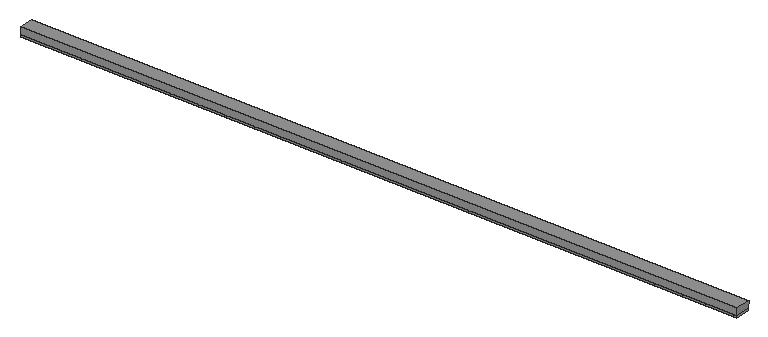
Revit family "0068135", category Lighting Fixtures, host Face, Revit 2017
Family settings
  Host = Face
  Round Connector Dimension = Use Diameter
  Part Type = Normal
  OmniClass Number = 23.80.70.00
  OmniClass Title = Lighting
  Cut with Voids When Loaded = No
  Light Source = Yes
  Shared = No
  Room Calculation Point = No
Parameters (values of type "0068135 START ECO FLEX IP67 827 4750LM - 500 mm")
  Width_SYL = if(IP20HO_SYL, 10 mm, if(IP65_SYL, 12 mm, if(IP65HO_SYL, 10 mm, if(IP67_SYL, 10 mm, if(IP20RGB_SYL, 8 mm, if(IP20RGBW_SYL, 12 mm, if(IP67RGB_SYL, 12 mm, if(IP67RGBW_SYL, 14 mm, 8 mm))))))))  # 10 mm
  Weight = "3.5 kg"
  Wattage Comments = ""
  Wattage = 47.5 W
  WarrantyStartDate [instance] = "n/a"
  WarrantyGuarantorParts = "n/a"
  WarrantyDurationUnit = "n/a"
  WarrantyDurationParts = "n/a"
  WarrantyDescription = "n/a"
  built-in parameter 1150110 = 1 (stored number, unit not read)
  Voltage = 24 V
  URL = "http://www.sylvania-lighting.com"
  TypeName = "START ECO FLEX IP67 827 4750LM - 500 mm"
  Type Image = <None>
  Type Comments = "n/a"
  built-in parameter 1114217 = 1 (stored number, unit not read)
  Tilt Angle = -90.00°
  built-in parameter 1150109 = 1 (stored number, unit not read)
  built-in parameter 1150134 = (empty or 0)
  built-in parameter 1150113 = 1 (stored number, unit not read)
  StartCapWidth_SYL = if(IP20HO_SYL, 2 mm, if(IP65_SYL, 14 mm, if(IP65HO_SYL, 12 mm, if(IP67_SYL, 17.5 mm, if(IP20RGB_SYL, 2 mm, if(IP20RGBW_SYL, 2 mm, if(IP67RGB_SYL, 14 mm, if(IP67RGBW_SYL, 16 mm, 2 mm))))))))  # 17.5 mm
  StartCapVisible_SYL [instance] = no
  StartCapLength_SYL = if(IP20HO_SYL, 2 mm, if(IP65_SYL, 10 mm, if(IP65HO_SYL, 15 mm, if(IP67_SYL, 35 mm, if(IP20RGB_SYL, 2 mm, if(IP20RGBW_SYL, 2 mm, if(IP67RGB_SYL, 12 mm, if(IP67RGBW_SYL, 12 mm, 2 mm))))))))  # 35 mm
  StartCapHeight_SYL = if(IP20HO_SYL, 2 mm, if(IP65_SYL, 6 mm, if(IP65HO_SYL, 6 mm, if(IP67_SYL, 9.5 mm, if(IP20RGB_SYL, 2 mm, if(IP20RGBW_SYL, 2 mm, if(IP67RGB_SYL, 7 mm, if(IP67RGBW_SYL, 7 mm, 2 mm))))))))  # 9.5 mm
  SerialNumber [instance] = "n/a"
  SealingVisibility_SYL = yes
  IP67_SYL = yes
  IP67RGB_SYL = no
  IP67RGBW_SYL = no
  IP65_SYL = no
  IP65HO_SYL = no
  IP20RGB_SYL = no
  IP20RGBW_SYL = no
  IP20HO_SYL = no
  HeightWithSealing_SYL = if(IP20HO_SYL, 2 mm, if(IP65_SYL, 4 mm, if(IP65HO_SYL, 4 mm, if(IP67_SYL, 6 mm, if(IP20RGB_SYL, 2 mm, if(IP20RGBW_SYL, 2 mm, if(IP67RGB_SYL, 5 mm, if(IP67RGBW_SYL, 5 mm, 2 mm))))))))  # 6 mm
  Photometric Web File = "0068135.ies"
  Material_3_SYL = ABS Plastic
  PowerFactor = 0
  PowerConsumption = "47.5 W"
  NominalLength = 5000 mm
  NominalHeight = 6 mm
  NominalDepth = 13.5 mm
  Name = "START ECO FLEX IP67 827 4750LM - 500 mm"
  ModelReference = Name  # "START ECO FLEX IP67 827 4750LM - 500 mm"
  ModelNumber = "0068135"
  Model = Name  # "START ECO FLEX IP67 827 4750LM - 500 mm"
  Material = "pvc housing, pvc diffuser"
  ManufacturerName = "Feilo Sylvania"
  Manufacturer = "Feilo Sylvania"
  LuminousEfficacy = "100 lm/W"
  built-in parameter 1150105 = 2102.3 (stored number, unit not read)
  Lumens = 4750 lm
  LuminaireType = ""
  built-in parameter 1150115 = 1 (stored number, unit not read)
  LightOutputRatio = "n/a"
  built-in parameter 1150137 = (empty or 0)
  built-in parameter 1150139 = (empty or 0)
  Length_SYL = 500 mm
  LampsType = Lamp  # "LED"
  LampNominalLuminous = "4750 lm"
  LampMacAdamStep = "3"
  LampColourTemperature = "2700 K"
  LampColourRenderingIndex = "80"
  built-in parameter 1150112 = 1 (stored number, unit not read)
  built-in parameter 1150114 = 1 (stored number, unit not read)
  Lamp = "LED"
  Keynote = "16500"
  InstallationDate [instance] = "n/a"
  InputVoltage = "24V DC"
  InputNominalFrequency = "n/a"
  built-in parameter 1150132 = (empty or 0)
  built-in parameter 1150102 = (empty or 0)
  built-in parameter 1150107 = 2700 (stored number, unit not read)
  built-in parameter 1150138 = (empty or 0)
  IngressProtection = "IP67"
  ImpactProtectionIndex = "IK00"
  built-in parameter 1150106 = 21.023 (stored number, unit not read)
  IfcExportType = "IfcLightFixtureType"
  IfcExportAs = "IfcLightFixtureType"
  EndCapWidth_SYL = if(IP20HO_SYL, 2 mm, if(IP65_SYL, 14 mm, if(IP65HO_SYL, 12 mm, if(IP67_SYL, 17.5 mm, if(IP20RGB_SYL, 2 mm, if(IP20RGBW_SYL, 2 mm, if(IP67RGB_SYL, 14 mm, if(IP67RGBW_SYL, 16 mm, 2 mm))))))))  # 17.5 mm
  EndCapVisible_SYL [instance] = no
  EndCapLength_SYL = if(IP20HO_SYL, 2 mm, if(IP65_SYL, 10 mm, if(IP65HO_SYL, 10 mm, if(IP67_SYL, 15 mm, if(IP20RGB_SYL, 2 mm, if(IP20RGBW_SYL, 2 mm, if(IP67RGB_SYL, 10 mm, if(IP67RGBW_SYL, 10 mm, 2 mm))))))))  # 15 mm
  EndCapHeight_SYL = if(IP20HO_SYL, 2 mm, if(IP65_SYL, 6 mm, if(IP65HO_SYL, 6 mm, if(IP67_SYL, 9.5 mm, if(IP20RGB_SYL, 2 mm, if(IP20RGBW_SYL, 2 mm, if(IP67RGB_SYL, 7 mm, if(IP67RGBW_SYL, 7 mm, 2 mm))))))))  # 9.5 mm
  EmitSurfaceOffset_SYL = 1 mm  # constant formula
  EmitSurfaceHeight_SYL = if(IP20HO_SYL, 1.2 mm, if(IP65_SYL, 4 mm, if(IP65HO_SYL, 4 mm, if(IP67_SYL, 6 mm, if(IP20RGB_SYL, 1.2 mm, if(IP20RGBW_SYL, 1.2 mm, if(IP67RGB_SYL, 5 mm, if(IP67RGBW_SYL, 5 mm, 1.2 mm))))))))  # 6 mm
  built-in parameter 1150127 = if(IP20HO_SYL, 3.5 mm, if(IP65_SYL, 12 mm, if(IP65HO_SYL, 10 mm, if(IP67_SYL, 10 mm, if(IP20RGB_SYL, 5 mm, if(IP20RGBW_SYL, 5 mm, if(IP67RGB_SYL, 12 mm, if(IP67RGBW_SYL, 14 mm, 3.5 mm))))))))  # 10 mm
  Emit from Rectangle Length = Length_SYL - 2 * EmitSurfaceOffset_SYL  # 498 mm
  Emit Shape Visible in Rendering = no
  ElectricShockClassification = "Class III"
  built-in parameter 1150104 = 9.2903 (stored number, unit not read)
  DocumentationLiterature = "http://www.sylvania-lighting.com/product/en-int/products/0068135"
  DimmingControlOptions = "n/a"
  Material_2_SYL = LED
  Dimming Lamp Color Temperature Shift = <None>
  Description = "5 metre IP67 LED reel with pre-attached 3M adhesive type;  equipped with 300 LEDs offering 950lm/m & 99lm/W (4750lm with around 10% less total lumen for overall 5m reel); 9.6W/m, max. 48W/5m 24V; 2700K; CRI80; SDCM <3; 30000 hrs (L70:B50)"
  Default Elevation = 1219.2 mm
  CreatedOn = "9/11/2019"
  CreatedBy = "@sylvania-lighting.com"
  Cost = 0
  Color Filter = 16777215
  built-in parameter 1114216 [instance] = (empty or 0)
  ClassificationValue = "EF_70_80"
  ClassificationName = "Uniclass2015"
  Material_1_SYL = Aluminum
  BarCode [instance] = "n/a"
  built-in parameter 1114218 = 1 (stored number, unit not read)
  Emit from Rectangle Width = 3048 mm
  AssetType = "Fixed"
  AssetIdentifier [instance] = "n/a"
  Assembly Code = "D5020200"
  Apparent Load = 47.5 VA
  Material_4_SYL = Polycarbonate, Clear
Types (4, lengths in mm): name | TypeName | StartCapVisible_SYL | Name | ModelReference | Model | Length_SYL | EndCapVisible_SYL | Emit from Rectangle Length
  0068135 START ECO FLEX IP67 827 4750LM - 500 mm | "START ECO FLEX IP67 827 4750LM - 500 mm" | no | "START ECO FLEX IP67 827 4750LM - 500 mm" | "START ECO FLEX IP67 827 4750LM - 500 mm" | "START ECO FLEX IP67 827 4750LM - 500 mm" | 500 | no | 498
  0068135 START ECO FLEX IP67 827 4750LM - 100 mm | "START ECO FLEX IP67 827 4750LM - 100 mm" | no | "START ECO FLEX IP67 827 4750LM - 100 mm" | "START ECO FLEX IP67 827 4750LM - 100 mm" | "START ECO FLEX IP67 827 4750LM - 100 mm" | 100 | no | 98
  0068135 START ECO FLEX IP67 827 4750LM - 50 mm | "START ECO FLEX IP67 827 4750LM - 50 mm" | yes | "START ECO FLEX IP67 827 4750LM - 50 mm" | "START ECO FLEX IP67 827 4750LM - 50 mm" | "START ECO FLEX IP67 827 4750LM - 50 mm" | 50 | yes | 48
  0068135 START ECO FLEX IP67 827 4750LM - 10 mm | "START ECO FLEX IP67 827 4750LM - 10 mm" | yes | "START ECO FLEX IP67 827 4750LM - 10 mm" | "START ECO FLEX IP67 827 4750LM - 10 mm" | "START ECO FLEX IP67 827 4750LM - 10 mm" | 10 | yes | 8
Reference planes
  plane 1 "Center (Front/Back)": y = 0
  plane 2: z = 0
  plane 3 "Center (Left/Right)": x = 0
  plane 4: y = 5
  plane 5: y = -5
  plane 6: z = 1.2
  plane 7: x = 500
  plane 8: x = 250
  plane 9: x = 1
  plane 10: x = 499
  plane 11: y = 1.8
  plane 12: y = -1.8
  plane 13: y = 8.75
  plane 14: y = -8.75
  plane 15: x = -35
  plane 16: x = 515
  plane 17: y = 8.75
  plane 18: y = -8.75
  plane 19: z = 6
  plane 20: z = 6
  plane 21: z = 3
  plane 22: z = -1.75
  plane 23: z = 7.75
  plane 24: z = 7.75
  plane 25: z = -1.75
Forms (mm)
  Extrusion 1, solid, material "Aluminum" <- "Material_1_SYL"
    sketch origin (0, 0, 0) x (0, 1, 0) y (0, 0, 1)
      loop
        line (-5, 1.2) -> (-5, 0) -> (5, 0) -> (5, 1.2) -> (-5, 1.2)
    from 0 to 500
  Extrusion 2, solid, material "Polycarbonate, Clear" <- "Material_4_SYL", visible <- "SealingVisibility_SYL"
    sketch origin (0, 0, 0) x (0, 1, 0) y (0, 0, 1)
      loop
        line (-5, 1.2) -> (5, 1.2) -> (5, 6) -> (-5, 6) -> (-5, 1.2)
    from 0 to 500
  Extrusion 3, solid, visible <- "StartCapVisible_SYL"
    sketch origin (0, 0, 0) x (0, 1, 0) y (0, 0, 1)
      loop
        line (-8.75, -1.75) -> (8.75, -1.75) -> (8.75, 7.75) -> (-8.75, 7.75) -> (-8.75, -1.75)
    from 0 to -35
  Extrusion 4, solid, visible <- "EndCapVisible_SYL"
    sketch origin (500, 1524, 1219.2) x (0, 1, 0) y (0, 0, 1)
      loop
        line (-1515.25, -1220.95) -> (-1515.25, -1211.45) -> (-1532.75, -1211.45) -> (-1532.75, -1220.95) -> (-1515.25, -1220.95)
    from 0 to 15
Lines and regions (mm)
  Split face 1
    outline origin (0, -5, 1.2) x (0, 1, 0) y (-1, 0, 0)
      loop
        line (6.8, -1) -> (3.2, -1) -> (3.2, -499) -> (6.8, -499) -> (6.8, -1)
  reference lines
    curve 1: line (1, 1.8, 0) -> (499, 1.8, 0)
    curve 2: line (1, -1.8, 0) -> (1, 1.8, 0)
    curve 3: line (499, -1.8, 0) -> (1, -1.8, 0)
    curve 4: line (499, 1.8, 0) -> (499, -1.8, 0)
Dimensions and locks
  equal spacing: plane 5, plane 1 "Center (Front/Back)", plane 4
  "Width_SYL": plane 5 to plane 4
  "Length_SYL": plane 3 "Center (Left/Right)" to plane 7
  "EmitSurfaceOffset_SYL": plane 3 "Center (Left/Right)" to plane 9
  equal spacing: plane 9, plane 8, plane 10
  "EmitSurfaceOffset_SYL": plane 10 to plane 7
  equal spacing: plane 12, plane 1 "Center (Front/Back)", plane 11
  locked: plane 12 to plane 11 at 3.6
  equal spacing: plane 14, plane 1 "Center (Front/Back)", plane 13
  "StartCapWidth_SYL": plane 14 to plane 13
  "StartCapLength_SYL": plane 15 to plane 3 "Center (Left/Right)"
  equal spacing: plane 18, plane 1 "Center (Front/Back)", plane 17
  "EndCapWidth_SYL": plane 18 to plane 17
  "EndCapLength_SYL": plane 7 to plane 16
  "EmitSurfaceHeight_SYL": plane 19 to plane 2
  "HeightWithSealing_SYL": host face to plane 20
  equal spacing: plane 2, plane 21, plane 19
  equal spacing: plane 22, plane 21, plane 23
  "EndCapHeight_SYL": plane 22 to plane 23
  equal spacing: plane 25, plane 21, plane 24
  "StartCapHeight_SYL": plane 25 to plane 24
  aligned and locked: plane 2 to host face
  aligned and locked: level to host face
  aligned and locked: plane 6 to Extrusion 1 sketch curve
  aligned and locked: Extrusion 1 sketch curve to plane 5
  aligned and locked: level to Extrusion 1 sketch curve
  aligned and locked: plane 4 to Extrusion 1 sketch curve
  aligned and locked: plane 7 to Extrusion 1
  aligned and locked: imposter light to plane 1 "Center (Front/Back)"
  aligned and locked: plane 8 to imposter light
  aligned and locked: plane 11 to curve 1
  aligned and locked: plane 9 to curve 2
  aligned and locked: curve 3 to plane 12
  aligned and locked: curve 4 to plane 10
  aligned and locked: Split face 1 sketch curve to curve 1
  aligned and locked: Split face 1 sketch curve to curve 4
  aligned and locked: Split face 1 sketch curve to curve 3
  aligned and locked: Split face 1 sketch curve to curve 2
  aligned and locked: imposter light to plane 19
  aligned and locked: Extrusion 2 sketch curve to Extrusion 1  (x2)
  aligned and locked: Extrusion 2 sketch curve to plane 20
  aligned and locked: Extrusion 2 sketch curve to plane 4
  aligned and locked: Extrusion 2 to plane 3 "Center (Left/Right)"
  aligned and locked: plane 7 to Extrusion 2
  aligned and locked: plane 22 to Extrusion 3 sketch curve
  aligned and locked: plane 14 to Extrusion 3 sketch curve
  aligned and locked: Extrusion 3 sketch curve to plane 23
  aligned and locked: Extrusion 3 sketch curve to plane 13
  aligned and locked: Extrusion 3 to plane 15
  aligned and locked: plane 3 "Center (Left/Right)" to Extrusion 3
  aligned and locked: plane 13 to Extrusion 4 sketch curve
  aligned and locked: plane 23 to Extrusion 4 sketch curve
  aligned and locked: Extrusion 4 sketch curve to plane 18
  aligned and locked: Extrusion 4 sketch curve to plane 25
  aligned and locked: plane 16 to Extrusion 4
  aligned and locked: Extrusion 4 to plane 7
Automatic sketch dimensions
  host sketch curve to host sketch curve = 600 mm
  host sketch curve to host sketch curve = 100 mm
Connectors
  electrical at (0, 0, 0.6), driven by "Voltage", driven by "Apparent Load", driven by "PowerFactor"
    settings: on Extrusion 1, index 1, voltage 24 V, apparent load 47.5 VA, apparent load phase1 0 VA, apparent load phase2 0 VA, apparent load phase3 0 VA, power factor 0, load classification "Other", number of poles 1, system type 30, power factor state 1, is connector primary yes, connector utility no, sub classification motor no, connector description ""
